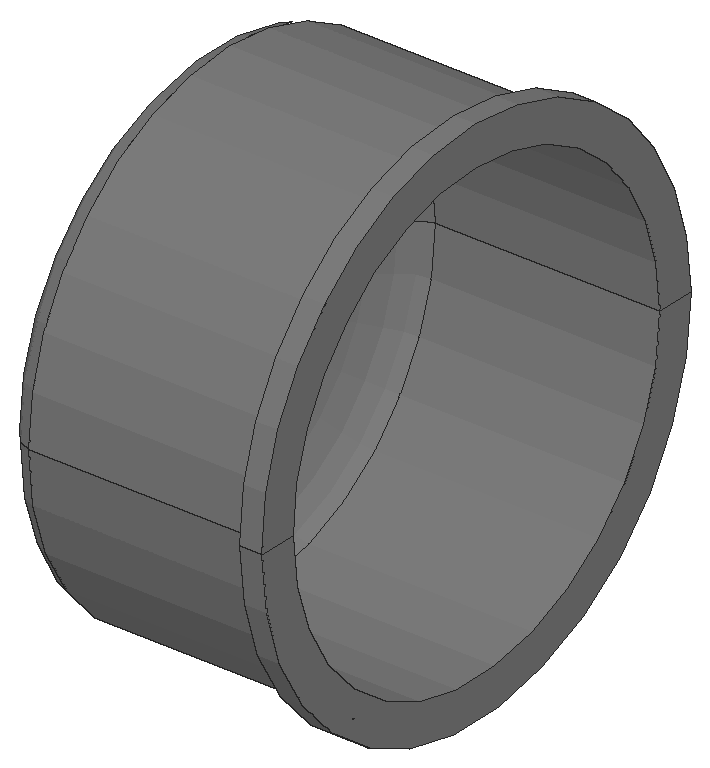
Revit family "Dirit_uPVC TienPhong Cap End", category Pipe Fittings, Revit 2024
Family settings
  Round Connector Dimension = Use Diameter
  Part Type = Cap
  Work Plane-Based = No
  Always vertical = Yes
  Cut with Voids When Loaded = No
  Shared = No
Parameters (values of type "Standard")
  uPVC = uPVC
  Website = ""
  URL = ""
  Type Image = PVC EndCap.jpg
  Type Comments = "MEPF Modeling"  # constant formula
  Standard = "ISO 1452-2"  # constant formula
  Name Fitting = "uPVC_EndCap"  # constant formula
  Mô tả = "Nút bịt uPVC"
  Lookup Table = "uPVC_EndCap_Tien Phong"
  ENG_Thickness [instance] = (ENG_Fitting Outside Diameter - ENG_Fitting Inside Diameter) / 2  # 7.7 mm
  ENG_Nominal Radius [instance] = ENG_Nominal Diameter / 2  # 80 mm
  ENG_Nominal Diameter [instance] = 160 mm
  ENG_Socket Depth [instance] = size_lookup(Lookup Table, "L", ENG_Nominal Diameter * 0.75, ENG_Nominal Diameter)  # 86 mm
  ENG_Fitting Outside Diameter [instance] = size_lookup(Lookup Table, "OD", ENG_Nominal Diameter + 2.5 mm * 2, ENG_Nominal Diameter)  # 175.4 mm
  ENG_Fitting Inside Diameter [instance] = size_lookup(Lookup Table, "ID", ENG_Nominal Diameter, ENG_Nominal Diameter)  # 160 mm
  ENG_Distance to Center [instance] = ENG_Socket Depth * 0.25  # 21.5 mm
  ENG_Chamber to Center Outside [instance] = ENG_Chamber to Center Inside + ENG_Thickness * 0.75  # 93.475 mm
  ENG_Chamber to Center Inside [instance] = ENG_Fitting Outside Diameter / 2  # 87.7 mm
  ENG_Center to Socket [instance] = ENG_Socket Depth - ENG_Thickness  # 78.3 mm
  Model = "Pipe Fitting"  # constant formula
  Manufacturer = ""
  Fanpage = ""
  Email = ""
  Design By = ""
  Default Elevation = 0 mm
  Address = ""
Reference planes
  plane 1 "Main Center (Front/Back)": y = 0
  plane 2: z = 0
  plane 3 "Main Center (Left/Right)": x = 0
  plane 4: x = 86
  plane 5: x = -21.5
  plane 6: x = 7.7
Forms (mm)
  Revolve 1, solid, material "uPVC" <- "uPVC", detail levels fine
    sketch origin (0, 0, 0) x (1, 0, 0) y (0, 1, 0)
      loop
        spline (0, 87.7) -> (-2.806, 86.95) -> (-5.565, 84.712) -> (-8.228, 81.024) -> (-10.75, 75.95) -> (-13.088, 69.577) -> (-15.203, 62.013) -> (-17.057, 53.388) -> (-18.62, 43.85) -> (-19.863, 33.561) -> (-20.767, 22.698) -> (-21.316, 11.447) -> (-21.5, 0)
        line (-21.5, 0) -> (-13.8, 0)
        spline (-13.8, 0) -> (-13.616, 10.442) -> (-13.067, 20.706) -> (-12.163, 30.615) -> (-10.92, 40) -> (-9.357, 48.701) -> (-7.503, 56.569) -> (-5.388, 63.468) -> (-3.05, 69.282) -> (-0.528, 73.91) -> (2.135, 77.274) -> (4.894, 79.316) -> (7.7, 80)
        line (7.7, 80) -> (86, 80) -> (86, 93.475) -> (78.3, 93.475) -> (78.3, 87.7) -> (0, 87.7)
      axis (86, 0) -> (-21.5, 0)
    angle from 0 to 360
Lines and regions (mm)
  reference lines
    curve 1: line (7.7, 0, 0) -> (86, 0, 0)
  model lines, detail levels coarse+medium
    curve 2: line (7.7, 80, 0) -> (7.7, -80, 0)
    curve 3: line (7.7, 80, 0) -> (86, 80, 0)
    curve 4: line (7.7, -80, 0) -> (86, -80, 0)
Dimensions and locks
  "ENG_Socket Depth": plane 3 "Main Center (Left/Right)" to plane 4
  "ENG_Distance to Center": plane 5 to plane 3 "Main Center (Left/Right)"
  "ENG_Chamber to Center Inside": plane 1 "Main Center (Front/Back)" to Revolve 1 sketch curve
  "ENG_Thickness": plane 3 "Main Center (Left/Right)" to plane 6
  "ENG_Thickness": Revolve 1 sketch curve to Revolve 1 sketch curve  (x2)
  "ENG_Nominal Radius": Revolve 1 sketch curve to plane 1 "Main Center (Front/Back)"
  "ENG_Chamber to Center Outside": plane 1 "Main Center (Front/Back)" to Revolve 1 sketch curve
  "ENG_Center to Socket": curve 1 to curve 1
  equal spacing: curve 2, curve 1, curve 2
  "ENG_Fitting Inside Diameter": curve 2 to curve 2
  "ENG_Center to Socket": curve 2 to plane 4
  "ENG_Center to Socket": curve 4 to curve 4
  "ENG_Center to Socket": curve 3 to curve 3
  aligned and locked: level to plane 2
  aligned and locked: plane 4 to curve 1
  aligned and locked: plane 1 "Main Center (Front/Back)" to curve 1
Automatic sketch dimensions
  Revolve 1 sketch curve to plane 1 "Main Center (Front/Back)" = 0 mm
  plane 1 "Main Center (Front/Back)" to Revolve 1 sketch curve = 0 mm
  Revolve 1 sketch curve to plane 5 = 0 mm
  Revolve 1 sketch curve to plane 3 "Main Center (Left/Right)" = 0 mm
  Revolve 1 sketch curve to plane 6 = 0 mm
  Revolve 1 sketch curve to plane 4 = 0 mm
  Revolve 1 sketch curve to Revolve 1 sketch curve = 1993.25 mm
  plane 4 to Revolve 1 sketch curve = 1973 mm
Connectors
  piping at (7.7, 0, 0), diameter 160, driven by "ENG_Nominal Diameter"
    settings: on curve 1, index 1, connector inside diameter 609.6 mm, connector length 0 mm, flow factor 0, pipe flow 0.0 L/s, pressure drop 0.0 Pa, fitting loss kfactor 0, connector angle 0.00°, fixture units 0, engagement length 0 mm, angle of deflection 0.00°, flow configuration 0, flow direction 0, fitting loss method 0, system type 28, joint type 0, gender type 0, connector reference index -1, connector utility 0, adjustable connector no, is connector primary yes, connector description ""
